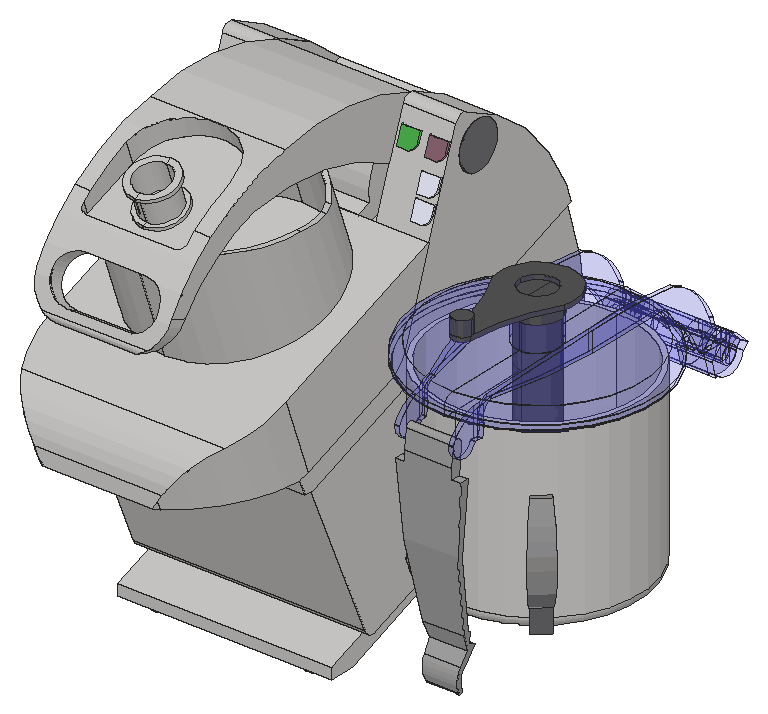
Revit family "QF_ELECTROLUXPROFESSIONAL_600482_TRK45YI", category Specialty Equipment, Revit 2018
Family settings
  Round Connector Dimension = Use Diameter
  Part Type = Normal
  Work Plane-Based = No
  Always vertical = Yes
  Cut with Voids When Loaded = No
  Shared = No
  Room Calculation Point = No
Parameters (values of type "QF_ELECTROLUX_600482_TRK45YI")
  Weight = 27.40 kg
  Watts = 0 W
  Volts = 200 V
  URL Manufacturer = "http://professional.electrolux.com"
  URL = "http://professional.electrolux.com"
  Steam Supply Size = 0 mm
  Steam Supply Minimum Pressure = 0.0 Pa
  Steam Supply Maximum Pressure = 0.0 Pa
  Steam Pounds per Hour = 0
  Refrigeration Suction Line Size = 0 mm
  Refrigeration Liquid Line Size = 0 mm
  Refrigerant Compressor Remote = yes
  Manufacturer = "Electrolux"
  Phase = 1
  Model = "TRK45YI"
  Length Actual = 252 mm  # constant formula
  Item Number = "600482"
  Hot Water Size = 0 mm
  Height Actual = 505 mm  # constant formula
  HP = "1.3 HP"
  Gas Size = 0 mm
  Gas KW = 0
  Gas Input Pressure = 0 W
  Direct Waste Size = 0 mm
  Description = "CUTTER/SLICER 4.5L VARIAB.SPEED-1000W-200-240V/1N/50-60-CB APPROVED, SCHUKO PLUG"
  Depth Actual = 485 mm  # constant formula
  Cycle = 60 Hz
  Condensate Return Size = 0 mm
  Compressed Air Volume = 0.0 L/s
  Compressed Air Size = 0 mm
  Compressed Air Pressure = 0.0 Pa
  Cold Water Size = 0 mm
  Accessory = yes
Reference planes
  plane 1 "Center (Front/Back)": y = 0
  plane 2: z = 0
  plane 3 "Center (Left/Right)": x = 0
  plane 4 "BASE": through (-1506.947, -1354.442, -482.669) normal (0, -0.342, 0.9397)
  plane 5 "TOP": z = 725
  plane 6 "FRONT": y = -250
  plane 7 "BACK": y = 250
  plane 8 "LEFT": x = -126
  plane 9 "RIGHT": x = 126
  plane 10 "BaseSup": through (4267.2, -355.454, 143.983) normal (0, -0.342, 0.9397)
  plane 11 "TopCylinder": z = 505
  plane 12 "panel": through (4267.2, 37.396, 376.789) normal (0, -0.9397, 0.342)
  plane 13 "TAN1": through (4267.2, -242.8, 386.84) normal (0, -0.868, 0.4965)
  plane 14 "cx": x = -4.392
  plane 15: z = 490
  plane 16: z = 685
  plane 17 "EI_1": z = 320
  plane 18: z = 224
  plane 19 "SupportOblique": through (4267.2, 163.975, 96.815) normal (0, 0.809, 0.5878)
  plane 20 "CX2": x = 350
Forms (mm)
  Extrusion 1, solid, material "QF_Finishes_Stainless Steel"
    sketch origin (0, 71.755, 29.173) x (0, 0.939693, 0.34202) y (0, -0.34202, 0.939693)
      loop
        line (196.964, 40) -> (-146.726, 40) -> (-150.519, 29.578) -> (-124.204, 20) -> (196.964, 20) -> (196.964, 40)
    from -114.1 to 114.1
  Extrusion 2, solid, material "QF_Finishes_Stainless Steel"
    sketch origin (0, 71.755, 29.173) x (0, 0.939693, 0.34202) y (0, -0.34202, 0.939693)
      loop
        arc (-117.754, 231.836) -> (-115.679, 141.222) -> (-107.501, 50.953) r 1344.145
        arc (-107.501, 50.953) -> (-103.371, 43.13) -> (-95.098, 40) r 12.5
        line (-95.098, 40) -> (191.415, 40)
        arc (191.415, 40) -> (200.799, 44.052) -> (207.001, 52.177) r 20.212
        arc (207.001, 52.177) -> (236.663, 139.796) -> (245.906, 231.836) r 409.593
        line (245.906, 231.836) -> (-117.754, 231.836)
    from -123.6 to 123.2
  Extrusion 3, solid, material "QF_Finishes_Stainless Steel"
    sketch origin (0, 71.755, 29.173) x (0, 0.939693, 0.34202) y (0, -0.34202, 0.939693)
      loop
        line (-117.754, 231.836) -> (250, 231.836) -> (250, 254)
        arc (250, 254) -> (225.127, 344.7) -> (167.861, 419.303) r 244.524
        arc (167.861, 419.303) -> (160.498, 421.774) -> (153.587, 418.23) r 10
        line (153.587, 418.23) -> (25.432, 265.5)
        arc (25.432, 265.5) -> (14.376, 257.016) -> (0.77, 254) r 32.194
        line (0.77, 254) -> (-128.224, 254) -> (-128.224, 236.946) -> (-117.754, 231.836)
    from -125 to 125
  Extrusion 4, void
    sketch origin (0, 71.755, 29.173) x (0, 0.939693, 0.34202) y (0, -0.34202, 0.939693)
      loop
        line (146.605, 338.403) -> (228.145, 338.403)
        arc (228.145, 338.403) -> (202.221, 381.996) -> (167.861, 419.303) r 244.524
        arc (167.861, 419.303) -> (160.498, 421.774) -> (153.587, 418.23) r 10
        line (153.587, 418.23) -> (72.34, 321.403) -> (146.605, 321.403) -> (146.605, 338.403)
    from -76.755 to 68.071
  Extrusion 5, solid, material "QF_Finishes_Stainless Steel"
    sketch origin (0, 71.755, 29.173) x (0, 0.939693, 0.34202) y (0, -0.34202, 0.939693)
      loop
        line (86.605, 338.403) -> (69.605, 321.403) -> (146.605, 321.403) -> (146.605, 338.403) -> (138.179, 338.403) -> (138.179, 369.367)
        arc (138.179, 369.367) -> (147.784, 373.474) -> (158.149, 372.174) r 19.987
        arc (158.149, 372.174) -> (156.791, 382.001) -> (162.888, 389.826) r 12.748
        arc (162.888, 389.826) -> (123.302, 374.774) -> (101.605, 338.403) r 64.447
        line (101.605, 338.403) -> (86.605, 338.403)
    from -65 to 50
  Extrusion 6, solid, material "QF_Finishes_Stainless Steel"
    sketch origin (539, 71.755, 29.173) x (0, -0.939693, -0.34202) y (0, -0.34202, 0.939693)
      loop
        circle (-169.102, 378.696) r 12.748
    from 489 to 604
  Extrusion 7, solid, material "QF_Finishes_Rubber Black"
    sketch origin (0, 71.755, 29.173) x (0, 0.939693, 0.34202) y (0, -0.34202, 0.939693)
      loop
        circle (169.102, 378.696) r 25
    from 125 to 126.6
  Extrusion 8, solid, material "QF_Finishes_Green"
    sketch origin (-10, -113.728, -38.42) x (0, -0.34202, -0.939693) y (1, 0, 0)
      loop
        line (-529.862, 82.865) -> (-509.862, 82.865) -> (-509.862, 92.865)
        arc (-509.862, 92.865) -> (-512.791, 99.936) -> (-519.862, 102.865) r 10
        line (-519.862, 102.865) -> (-529.862, 102.865) -> (-529.862, 82.865)
    from 0 to 1.6
  Extrusion 9, solid, material "QF_Finishes_Red"
    sketch origin (20, -113.728, -38.42) x (0, -0.34202, -0.939693) y (1, 0, 0)
      loop
        line (-529.862, 82.865) -> (-509.862, 82.865) -> (-509.862, 92.865)
        arc (-509.862, 92.865) -> (-512.791, 99.936) -> (-519.862, 102.865) r 10
        line (-519.862, 102.865) -> (-529.862, 102.865) -> (-529.862, 82.865)
    from 0 to 1.6
  Extrusion 10, solid, material "QF_Finishes_Rubber Black"
    sketch origin (-20, -293.925, 99.376) x (0, -1, 0) y (1, 0, 0)
      loop
        circle (-230.144, 103.748) r 10
      loop
        circle (-230.144, -61.252) r 10
    from 9.274 to 3.787
  Extrusion 11, void
    sketch origin (-20.94, 306.731, 139.428) x (-1, 0, 0) y (0, -0.34202, 0.939693)
      loop
        circle (-20.94, 196.093) r 10
    from -1.916 to -26.433
  Extrusion 12, solid, material "QF_Finishes_Stainless Steel"
    sketch origin (-20.94, 306.678, 139.573) x (-1, 0, 0) y (0, -0.34202, 0.939693)
      loop
        circle (-20.94, 195.939) r 9.999
    from -8.514 to -26.433
  Extrusion 13, solid, material "QF_Finishes_Stainless Steel"
    sketch origin (0, -15.119, 267.855) x (0, -0.939693, -0.34202) y (1, 0, 0)
      loop
        line (-86.605, -125) -> (117.754, -125)
        arc (117.754, -125) -> (182.577, -108.838) -> (232.224, -64.135) r 138.076
        arc (232.224, -64.135) -> (246.337, -33.516) -> (250, 0) r 104.824
        arc (250, 0) -> (246.337, 33.516) -> (232.224, 64.135) r 104.824
        arc (232.224, 64.135) -> (182.577, 108.838) -> (117.754, 125) r 138.076
        line (117.754, 125) -> (-86.605, 125) -> (-86.605, -125)
    from 0 to 84.403
  Extrusion 14, void
    sketch origin (0, 71.755, 29.173) x (0, 0.939693, 0.34202) y (0, -0.34202, 0.939693)
      loop
        line (-183.149, 338.403) -> (-263.395, 338.403) -> (-263.395, 254) -> (-128.224, 254) -> (-235.716, 293.124) -> (-229.509, 307.133)
        arc (-229.509, 307.133) -> (-211.109, 329.855) -> (-183.149, 338.403) r 50
      loop
        line (86.605, 338.403) -> (25.432, 265.5)
        arc (25.432, 265.5) -> (14.376, 257.016) -> (0.77, 254) r 32.194
        line (0.77, 254) -> (86.605, 254) -> (86.605, 338.403)
    from -156.555 to 144.79
  Extrusion 15, solid, material "QF_Finishes_Rubber Black"
    sketch origin (-20, -255.757, 37.007) x (0, -0.939693, -0.34202) y (1, 0, 0)
      loop
        circle (-230.144, 103.748) r 10
      loop
        circle (-230.144, -61.252) r 10
    from -1.968 to 3.787
  Extrusion 16, solid, material "QF_Finishes_Stainless Steel"
    sketch origin (0, 0, 0) x (0, 1, 0) y (0, 0, 1)
      loop
        arc (-237.987, 360.286) -> (-193.334, 422.101) -> (-125.907, 457.716) r 167.502
        arc (-125.907, 457.716) -> (-32.614, 457.202) -> (54.785, 424.565) r 266.494
        line (54.785, 424.565) -> (73.036, 474.711)
        arc (73.036, 474.711) -> (77.269, 479.853) -> (83.792, 481.198) r 10
        arc (83.792, 481.198) -> (1.801, 503.572) -> (-83.051, 498.734) r 263.981
        arc (-83.051, 498.734) -> (-135.605, 484.534) -> (-183.511, 458.675) r 236.13
        arc (-183.511, 458.675) -> (-222.818, 420.732) -> (-248.457, 372.49) r 174.407
        arc (-248.457, 372.49) -> (-249.83, 368.135) -> (-247.05, 364.513) r 4.945
        line (-247.05, 364.513) -> (-237.987, 360.286)
    from -76.755 to 68.071
  Extrusion 17, void
    sketch origin (0, -252.846, 369.279) x (0, -0.496521, -0.868025) y (1, 0, 0)
      loop
        line (-13.723, -36.755) -> (-13.723, 28.071)
        arc (-13.723, 28.071) -> (-38.723, 53.071) -> (-63.723, 28.071) r 25
        line (-63.723, 28.071) -> (-63.723, -36.755)
        arc (-63.723, -36.755) -> (-38.723, -61.755) -> (-13.723, -36.755) r 25
    from -148.493 to 7.125
  Extrusion 18, void
    sketch origin (0, -88.076, 32.057) x (0, -0.34202, -0.939693) y (1, 0, 0)
      loop
        line (-257.162, 68.071) -> (-297.162, 68.071)
        arc (-297.162, 68.071) -> (-268.878, 56.356) -> (-257.162, 28.071) r 40
        line (-257.162, 28.071) -> (-257.162, 68.071)
      loop
        line (-257.162, -76.755) -> (-257.162, -36.755)
        arc (-257.162, -36.755) -> (-268.878, -65.039) -> (-297.162, -76.755) r 40
        line (-297.162, -76.755) -> (-257.162, -76.755)
    from 233.374 to 280.473
  Extrusion 19, void
    sketch origin (0, -73.76, 246.511) x (0, -0.939693, -0.34202) y (1, 0, 0)
      loop
        spline (50.415, 43.499) -> (50.302, 44.538) -> (50.07, 45.551) -> (49.722, 46.523) -> (49.265, 47.436) -> (48.705, 48.278) -> (48.053, 49.034) -> (47.317, 49.692) -> (46.511, 50.241) -> (45.647, 50.674) -> (44.738, 50.981) -> (43.801, 51.16) -> (42.848, 51.221)
        line (42.848, 51.221) -> (-21.826, 51.221)
        arc (-21.826, 51.221) -> (-77.476, -4.429) -> (-21.826, -60.078) r 55.65
        line (-21.826, -60.078) -> (42.849, -60.064)
        spline (42.849, -60.064) -> (43.796, -60.017) -> (44.73, -59.836) -> (45.637, -59.525) -> (46.5, -59.088) -> (47.306, -58.532) -> (48.042, -57.867) -> (48.695, -57.103) -> (49.256, -56.253) -> (49.715, -55.331) -> (50.065, -54.351) -> (50.3, -53.329) -> (50.415, -52.283)
        line (50.415, -52.283) -> (50.415, 43.499)
    from 219.928 to 259.975
  Extrusion 20, void
    sketch origin (0, -87.856, 241.381) x (0, -0.939693, -0.34202) y (1, 0, 0)
      loop
        circle (-4.976, -4.429) r 22.5
    from 184.171 to 259.975
  Extrusion 21, solid, material "QF_Finishes_Stainless Steel"
    sketch origin (0, -57.13, 252.564) x (0, -0.939693, -0.34202) y (1, 0, 0)
      loop
        circle (-27.476, -4.429) r 100
      loop
        circle (-27.476, -4.429) r 95
    from 84.403 to 219.928
  Extrusion 22, void
    sketch origin (539, 0, 0) x (0, -1, 0) y (0, 0, 1)
      loop
        line (-7.229, 448.453) -> (38.883, 431.669) -> (53.883, 431.669) -> (97.232, 435.738) -> (172.232, 435.738) -> (200.5, 434.424) -> (12.562, 502.828) -> (-7.229, 448.453)
    from 424.9 to 664
  Revolve 23, solid, material "QF_Finishes_Stainless Steel"
    sketch origin (-4.392, 0, 0) x (0, 1, 0) y (0, 0, 1)
      loop
        line (-159.523, 452.833) -> (-177.266, 446.376) -> (-188.766, 477.973) -> (-195.199, 475.631) -> (-193.959, 472.225) -> (-189.261, 473.935) -> (-179, 445.744) -> (-183.698, 444.034) -> (-182.575, 440.948) -> (-179.543, 442.052) -> (-133.191, 314.7) -> (-112.048, 322.396) -> (-159.523, 452.833)
      axis (-112.048, 322.396) -> (-171.023, 484.431)
    angle from 0 to 360
  Extrusion 24, solid, material "QF_Door-Drawer Clearances", detail levels coarse
    sketch origin (0, -262.072, 735.095) x (0, -0.581279, -0.813704) y (0, 0.813704, -0.581279)
      loop
        arc (-237.987, 360.286) -> (-193.334, 422.101) -> (-125.907, 457.716) r 167.502
        arc (-125.907, 457.716) -> (-61.925, 460.915) -> (0.971, 448.753) r 266.494
        arc (0.971, 448.753) -> (-2.208, 475.472) -> (-2.432, 502.379) r 244.524
        arc (-2.432, 502.379) -> (-31.549, 503.211) -> (-60.594, 500.999) r 278.64
        arc (-60.594, 500.999) -> (-125.023, 488.463) -> (-183.511, 458.675) r 236.13
        arc (-183.511, 458.675) -> (-222.818, 420.732) -> (-248.457, 372.49) r 174.407
        arc (-248.457, 372.49) -> (-249.83, 368.135) -> (-247.05, 364.513) r 4.945
        line (-247.05, 364.513) -> (-237.987, 360.286)
    from -76.755 to 68.071
  Extrusion 25, solid, material "QF_Door-Drawer Clearances", detail levels coarse
    sketch origin (-4.392, 0, -55) x (0, 1, 0) y (0, 0, 1)
      loop
        arc (180.062, 780.324) -> (-149.234, 694.151) -> (-249.905, 368.994) r 350.321
        line (-249.905, 368.994) -> (-246.546, 377.767)
        arc (-246.546, 377.767) -> (-144.345, 691.9) -> (174.993, 776.44) r 345.321
        line (174.993, 776.44) -> (180.062, 780.324)
    from -60 to 60
  Extrusion 26, solid, material "QF_Finishes_Rubber Black"
    sketch origin (-20, -20.834, 122.512) x (0, -0.939693, -0.34202) y (1, 0, 0)
      loop
        circle (-230.144, 103.748) r 10
      loop
        circle (-230.144, -61.252) r 10
    from -1.968 to 3.787
  Extrusion 27, void
    sketch origin (-4.392, 0, 0) x (0, 1, 0) y (0, 0, 1)
      loop
        circle (163.975, 96.815) r 5.399
    from -121.608 to 130.392
  Sweep 28, solid, material "QF_Finishes_Stainless Steel"
    path origin (0, 153.361, 111.423) x (0, -0.587785, 0.809017) y (1, 0, 0)
      loop
        line (-133.401, 56) -> (-133.401, 112.5)
        arc (-133.401, 112.5) -> (-130.472, 119.571) -> (-123.401, 122.5) r 10
        line (-123.401, 122.5) -> (-28.058, 122.5)
        arc (-28.058, 122.5) -> (-20.987, 119.571) -> (-18.058, 112.5) r 10
        line (-18.058, 112.5) -> (-18.058, -112.5)
        arc (-18.058, -112.5) -> (-20.987, -119.571) -> (-28.058, -122.5) r 10
        line (-28.058, -122.5) -> (-123.401, -122.5)
        arc (-123.401, -122.5) -> (-130.472, -119.571) -> (-133.401, -112.5) r 10
        line (-133.401, -112.5) -> (-133.401, -56)
    profile origin (84.25, 231.772, 3.5) x (0, 0.587785, -0.809017) y (0, 0.809017, 0.587785)
      loop
        circle (0, 0) r 3.5
  Extrusion 29, void
    sketch origin (-4.392, 0, 0) x (0, 1, 0) y (0, 0, 1)
      loop
        line (50.281, 42.641) -> (71.708, 50.44) -> (64.376, 57.771) -> (50.281, 52.641) -> (50.281, 42.641)
    from -119.208 to -51.608
  Extrusion 30, void
    sketch origin (4.392, 0, 0) x (0, 1, 0) y (0, 0, -1)
      loop
        line (50.281, -42.641) -> (50.281, -52.641) -> (64.376, -57.771) -> (71.708, -50.44) -> (50.281, -42.641)
    from -119.208 to -51.608
  Extrusion 31, solid, material "QF_Door-Drawer Clearances", detail levels coarse
    sketch origin (350, -160.4, -17.118) x (0, -0.34202, -0.939693) y (0, -0.939693, 0.34202)
      loop
        line (-206.754, 118.191) -> (-331.133, -223.538)
        arc (-331.133, -223.538) -> (-241.482, -246.331) -> (-149.003, -248.426) r 409.593
        arc (-149.003, -248.426) -> (-139.246, -245.378) -> (-132.229, -237.945) r 20.212
        line (-132.229, -237.945) -> (-34.236, 31.289)
        arc (-34.236, 31.289) -> (-34.347, 40.134) -> (-40.286, 46.691) r 12.5
        arc (-40.286, 46.691) -> (-122.314, 85.249) -> (-206.754, 118.191) r 1344.145
    from -123.6 to 123.2
  Extrusion 32, solid, material "QF_Door-Drawer Clearances", detail levels coarse
    sketch origin (350, -160.4, -17.118) x (0, -0.34202, -0.939693) y (0, -0.939693, 0.34202)
      loop
        line (-134.127, -243.16) -> (-115.333, -250) -> (-5.487, 51.799) -> (-5.487, 79.803) -> (-16.578, 79.803) -> (-134.127, -243.16)
    from -114.1 to 114.1
  Extrusion 33, solid, material "QF_Door-Drawer Clearances", detail levels coarse
    sketch origin (330, -388.076, 105.131) x (0, -1, 0) y (1, 0, 0)
      loop
        circle (-230.144, 103.748) r 10
      loop
        circle (-230.144, -61.252) r 10
    from -1.968 to 3.787
  Extrusion 34, solid, material "QF_Door-Drawer Clearances", detail levels coarse
    sketch origin (330, -138.076, 105.131) x (0, -1, 0) y (1, 0, 0)
      loop
        circle (-230.144, 103.748) r 10
      loop
        circle (-230.144, -61.252) r 10
    from -1.968 to 3.787
  Extrusion 35, solid, material "QF_Door-Drawer Clearances", detail levels coarse
    sketch origin (0, 250, 0) x (-1, 0, 0) y (0, 0, 1)
      loop
        circle (-350, 200) r 10
    from -89.12 to -78.665
  Extrusion 36, solid, material "QF_Finishes_White"
    sketch origin (20, -124.661, -68.457) x (0, -0.34202, -0.939693) y (1, 0, 0)
      loop
        line (-529.862, 82.865) -> (-509.862, 82.865) -> (-509.862, 92.865)
        arc (-509.862, 92.865) -> (-512.791, 99.936) -> (-519.862, 102.865) r 10
        line (-519.862, 102.865) -> (-529.862, 102.865) -> (-529.862, 82.865)
    from 0 to 1.6
  Extrusion 37, solid, material "QF_Finishes_White"
    sketch origin (20, -132.869, -91.01) x (0, -0.34202, -0.939693) y (1, 0, 0)
      loop
        line (-529.862, 82.865) -> (-509.862, 82.865) -> (-509.862, 92.865)
        arc (-509.862, 92.865) -> (-512.791, 99.936) -> (-519.862, 102.865) r 10
        line (-519.862, 102.865) -> (-529.862, 102.865) -> (-529.862, 82.865)
    from 0 to 1.6
Cuts and joins
  Extrusion 4, Extrusion 18, Extrusion 19, Extrusion 20 cuts Extrusion 3
  Extrusion 14, Extrusion 18, Extrusion 19, Extrusion 20 cuts Extrusion 13
  Extrusion 17, Extrusion 18, Extrusion 19, Extrusion 20 cuts Extrusion 16
  Extrusion 11, Extrusion 19, Extrusion 20 cuts Extrusion 2
  Extrusion 22 cuts Extrusion 21
  Extrusion 27, Extrusion 29, Extrusion 30 cuts Extrusion 1
Lines and regions (mm)
  Split face 1
    outline origin (125, 73.036, 474.711) x (-1, 0, 0) y (0, -0.34202, -0.939693)
      loop
        arc (0, 8) -> (1.464, 4.464) -> (5, 3) r 5
        line (5, 3) -> (51.929, 3)
        arc (51.929, 3) -> (55.464, 4.464) -> (56.929, 8) r 5
        line (56.929, 8) -> (56.929, 96.206)
        arc (56.929, 96.206) -> (55.464, 99.742) -> (51.929, 101.206) r 5
        line (51.929, 101.206) -> (5, 101.206)
        arc (5, 101.206) -> (1.464, 99.742) -> (0, 96.206) r 5
        line (0, 96.206) -> (0, 8)
  symbolic lines
    curve 1: line (-76.755, 170.4, 0) -> (-76.755, -235.217, 0)
    curve 2: line (68.071, -235.135, 0) -> (68.071, 170.4, 0)
    curve 3: line (-76.755, 83.792, 0) -> (68.071, 83.792, 0)
    curve 4: line (-76.755, 170.4, 0) -> (68.071, 170.4, 0)
    curve 5: line (68.071, -83.051, 0) -> (-76.755, -83.051, 0)
    curve 6: line (-60.078, -136.967, 0) -> (51.221, -136.967, 0)
    curve 7: line (-60.078, -128.47, 0) -> (-60.078, -194.06, 0)
    curve 8: line (51.221, -193.76, 0) -> (51.221, -128.47, 0)
    curve 9: spline (-52.282, -199.891, 0) -> (-53.276, -199.815, 0) -> (-54.25, -199.647, 0) -> (-55.19, -199.39, 0) -> (-56.081, -199.046, 0) -> (-56.909, -198.622, 0) -> (-57.663, -198.124, 0) -> (-58.331, -197.559, 0) -> (-58.902, -196.936, 0) -> (-59.369, -196.264, 0) -> (-59.724, -195.553, 0) -> (-59.961, -194.815, 0) -> (-60.078, -194.06, 0)
    curve 10: line (43.499, -199.901, 0) -> (-52.283, -199.901, 0)
    curve 11: spline (51.218, -193.76, 0) -> (51.156, -194.554, 0) -> (50.964, -195.333, 0) -> (50.645, -196.085, 0) -> (50.204, -196.798, 0) -> (49.648, -197.459, 0) -> (48.986, -198.058, 0) -> (48.229, -198.586, 0) -> (47.39, -199.033, 0) -> (46.483, -199.392, 0) -> (45.521, -199.658, 0) -> (44.521, -199.826, 0) -> (43.499, -199.893, 0)
    curve 12: spline (-4.392, -146.848, 0) -> (-11.05, -147.672, 0) -> (-17.255, -150.087, 0) -> (-22.583, -153.929, 0) -> (-26.672, -158.936, 0) -> (-29.242, -164.766, 0) -> (-30.119, -171.023, 0) -> (-29.242, -177.28, 0) -> (-26.672, -183.111, 0) -> (-22.583, -188.118, 0) -> (-17.255, -191.96, 0) -> (-11.05, -194.375, 0) -> (-4.392, -195.199, 0)
    curve 13: spline (-4.392, -195.199, 0) -> (2.267, -194.375, 0) -> (8.472, -191.96, 0) -> (13.8, -188.118, 0) -> (17.888, -183.111, 0) -> (20.459, -177.28, 0) -> (21.335, -171.023, 0) -> (20.459, -164.766, 0) -> (17.888, -158.936, 0) -> (13.8, -153.929, 0) -> (8.472, -150.087, 0) -> (2.267, -147.672, 0) -> (-4.392, -146.848, 0)
    curve 14: spline (-4.392, -188.766, 0) -> (-9.279, -188.162, 0) -> (-13.832, -186.389, 0) -> (-17.743, -183.569, 0) -> (-20.744, -179.895, 0) -> (-22.63, -175.616, 0) -> (-23.273, -171.023, 0) -> (-22.63, -166.431, 0) -> (-20.744, -162.152, 0) -> (-17.743, -158.477, 0) -> (-13.832, -155.658, 0) -> (-9.279, -153.885, 0) -> (-4.392, -153.281, 0)
    curve 15: spline (-4.392, -153.281, 0) -> (0.495, -153.885, 0) -> (5.049, -155.658, 0) -> (8.96, -158.477, 0) -> (11.96, -162.152, 0) -> (13.846, -166.431, 0) -> (14.49, -171.023, 0) -> (13.846, -175.616, 0) -> (11.96, -179.895, 0) -> (8.96, -183.569, 0) -> (5.049, -186.389, 0) -> (0.495, -188.162, 0) -> (-4.392, -188.766, 0)
    curve 16: spline (-22.254, -165.273, 0) -> (-20.617, -168.597, 0) -> (-18.289, -171.534, 0) -> (-15.368, -173.96, 0) -> (-11.98, -175.77, 0) -> (-8.268, -176.888, 0) -> (-4.392, -177.266, 0) -> (-0.515, -176.888, 0) -> (3.197, -175.77, 0) -> (6.585, -173.96, 0) -> (9.505, -171.534, 0) -> (11.834, -168.597, 0) -> (13.471, -165.273, 0)
    curve 17: spline (21.106, -162.743, 0) -> (21.02, -155.749, 0) -> (18.807, -149.071, 0) -> (14.651, -143.268, 0) -> (8.902, -138.825, 0) -> (2.04, -136.115, 0) -> (-5.361, -135.365, 0) -> (-12.68, -136.637, 0) -> (-19.306, -139.824, 0) -> (-24.683, -144.661, 0) -> (-28.361, -150.742, 0) -> (-30.034, -157.558, 0) -> (-29.559, -164.538, 0)
    curve 18: spline (15.591, -154.349, 0) -> (13.851, -150.277, 0) -> (11.185, -146.674, 0) -> (7.729, -143.723, 0) -> (3.657, -141.574, 0) -> (-0.824, -140.337, 0) -> (-5.485, -140.073, 0) -> (-10.091, -140.797, 0) -> (-14.408, -142.471, 0) -> (-18.216, -145.011, 0) -> (-21.322, -148.287, 0) -> (-23.569, -152.134, 0) -> (-24.843, -156.356, 0)
    curve 19: line (-36.755, -245.358, 0) -> (-36.755, -220.255, 0)
    curve 20: line (28.071, -220.255, 0) -> (28.071, -245.358, 0)
    curve 21: line (-36.755, -220.255, 0) -> (28.071, -220.255, 0)
    curve 22: line (-36.755, -231.961, 0) -> (28.071, -231.961, 0)
    curve 23: line (28.071, -245.358, 0) -> (-36.755, -245.358, 0)
    curve 24: arc (-36.755, -231.961, 0) -> (-47.346, -230.66, 0) -> (-57.309, -226.836, 0) r 43.78
    curve 25: arc (28.071, -231.961, 0) -> (38.611, -230.648, 0) -> (48.525, -226.836, 0) r 43.78
    curve 26: line (108.532, -216.09, 0) -> (68.016, -248.959, 0)
    curve 27: spline (108.532, -216.09, 0) -> (111.117, -211.341, 0) -> (113.492, -206.496, 0) -> (115.654, -201.564, 0) -> (117.598, -196.552, 0) -> (119.32, -191.469, 0) -> (120.82, -186.324, 0) -> (122.092, -181.125, 0) -> (123.137, -175.882, 0) -> (123.951, -170.603, 0) -> (124.533, -165.296, 0) -> (124.883, -159.972, 0) -> (125, -154.639, 0)
    curve 28: line (125, -154.639, 0) -> (125, 227.385, 0)
    curve 29: spline (63.971, -249.433, 0) -> (63.542, -249.481, 0) -> (63.11, -249.529, 0) -> (62.674, -249.577, 0) -> (62.235, -249.624, 0) -> (61.792, -249.672, 0) -> (61.346, -249.719, 0) -> (60.896, -249.766, 0) -> (60.442, -249.813, 0) -> (59.985, -249.86, 0) -> (59.525, -249.907, 0) -> (59.06, -249.954, 0) -> (58.593, -250, 0)
    curve 30: spline (68.016, -248.959, 0) -> (67.688, -248.999, 0) -> (67.358, -249.038, 0) -> (67.026, -249.078, 0) -> (66.693, -249.118, 0) -> (66.359, -249.157, 0) -> (66.022, -249.197, 0) -> (65.684, -249.236, 0) -> (65.345, -249.276, 0) -> (65.004, -249.315, 0) -> (64.661, -249.354, 0) -> (64.317, -249.394, 0) -> (63.971, -249.433, 0)
    curve 31: line (-68.016, -248.959, 0) -> (68.016, -248.959, 0)
    curve 32: line (-68.016, -248.959, 0) -> (-108.532, -216.09, 0)
    curve 33: spline (-63.971, -249.433, 0) -> (-64.317, -249.394, 0) -> (-64.661, -249.354, 0) -> (-65.004, -249.315, 0) -> (-65.345, -249.276, 0) -> (-65.684, -249.236, 0) -> (-66.022, -249.197, 0) -> (-66.359, -249.157, 0) -> (-66.693, -249.118, 0) -> (-67.026, -249.078, 0) -> (-67.358, -249.038, 0) -> (-67.688, -248.999, 0) -> (-68.016, -248.959, 0)
    curve 34: spline (-58.593, -250, 0) -> (-59.06, -249.954, 0) -> (-59.525, -249.907, 0) -> (-59.985, -249.86, 0) -> (-60.442, -249.813, 0) -> (-60.896, -249.766, 0) -> (-61.346, -249.719, 0) -> (-61.792, -249.672, 0) -> (-62.235, -249.624, 0) -> (-62.674, -249.577, 0) -> (-63.11, -249.529, 0) -> (-63.542, -249.481, 0) -> (-63.971, -249.433, 0)
    curve 35: line (-76.755, -235.217, 0) -> (-60.604, -248.457, 0)
    curve 36: spline (-125, -154.639, 0) -> (-124.883, -159.972, 0) -> (-124.533, -165.296, 0) -> (-123.951, -170.603, 0) -> (-123.137, -175.882, 0) -> (-122.092, -181.125, 0) -> (-120.82, -186.324, 0) -> (-119.32, -191.469, 0) -> (-117.598, -196.552, 0) -> (-115.654, -201.564, 0) -> (-113.492, -206.496, 0) -> (-111.117, -211.341, 0) -> (-108.532, -216.09, 0)
    curve 37: line (-125, 227.385, 0) -> (-125, -154.639, 0)
    curve 38: arc (-76.755, -160.023, 0) -> (-93.256, -130.498, 0) -> (-99.37, -97.232, 0) r 103.622
    curve 39: arc (-76.755, -168.026, 0) -> (-96.901, -135.101, 0) -> (-104.377, -97.232, 0) r 109.55
    curve 40: spline (-99.395, -97.232, 0) -> (-99.428, -93.546, 0) -> (-99.341, -89.86, 0) -> (-99.135, -86.178, 0) -> (-98.81, -82.506, 0) -> (-98.367, -78.845, 0) -> (-97.806, -75.201, 0) -> (-97.127, -71.576, 0) -> (-96.331, -67.976, 0) -> (-95.419, -64.402, 0) -> (-94.392, -60.86, 0) -> (-93.251, -57.352, 0) -> (-91.998, -53.883, 0)
    curve 41: arc (-91.998, -53.883, 0) -> (-88.614, -46.234, 0) -> (-84.624, -38.883, 0) r 103.541
    curve 42: spline (-84.624, -38.883, 0) -> (-84.026, -38.009, 0) -> (-83.417, -37.142, 0) -> (-82.798, -36.282, 0) -> (-82.167, -35.428, 0) -> (-81.527, -34.582, 0) -> (-80.876, -33.742, 0) -> (-80.214, -32.91, 0) -> (-79.543, -32.085, 0) -> (-78.861, -31.267, 0) -> (-78.169, -30.457, 0) -> (-77.467, -29.655, 0) -> (-76.755, -28.86, 0)
    curve 43: spline (-90.488, -38.883, 0) -> (-89.506, -37.356, 0) -> (-88.492, -35.846, 0) -> (-87.448, -34.355, 0) -> (-86.375, -32.883, 0) -> (-85.271, -31.43, 0) -> (-84.139, -29.997, 0) -> (-82.978, -28.585, 0) -> (-81.788, -27.193, 0) -> (-80.571, -25.823, 0) -> (-79.326, -24.476, 0) -> (-78.054, -23.15, 0) -> (-76.755, -21.847, 0)
    curve 44: arc (-97.398, -53.883, 0) -> (-94.227, -46.252, 0) -> (-90.488, -38.883, 0) r 109.406
    curve 45: spline (-104.397, -97.232, 0) -> (-104.428, -93.553, 0) -> (-104.346, -89.875, 0) -> (-104.151, -86.201, 0) -> (-103.844, -82.535, 0) -> (-103.425, -78.879, 0) -> (-102.894, -75.238, 0) -> (-102.252, -71.615, 0) -> (-101.499, -68.013, 0) -> (-100.637, -64.435, 0) -> (-99.665, -60.886, 0) -> (-98.585, -57.367, 0) -> (-97.398, -53.883, 0)
    curve 46: spline (-104.429, -60.179, 0) -> (-104.227, -54.213, 0) -> (-103.623, -48.272, 0) -> (-102.618, -42.379, 0) -> (-101.218, -36.558, 0) -> (-99.427, -30.832, 0) -> (-97.253, -25.224, 0) -> (-94.704, -19.758, 0) -> (-91.791, -14.454, 0) -> (-88.526, -9.335, 0) -> (-84.922, -4.421, 0) -> (-80.993, 0.268, 0) -> (-76.755, 4.714, 0)
    curve 47: line (-104.429, -60.179, 0) -> (-104.429, -91.125, 0)
    curve 48: line (-125, 37.396, 0) -> (-76.755, 37.396, 0)
    curve 49: line (-125, 227.385, 0) -> (125, 227.385, 0)
    curve 50: line (-125, 219.805, 0) -> (125, 219.805, 0)
    curve 51: line (-65, 113.885, 0) -> (50, 113.885, 0)
    curve 52: line (50, 113.885, 0) -> (50, 83.792, 0)
    curve 53: line (-65, 113.885, 0) -> (-65, 83.792, 0)
    curve 54: line (-65, 91.491, 0) -> (50, 91.491, 0)
    curve 55: line (50, 93.777, 0) -> (68.071, 93.777, 0)
    curve 56: line (-65, 93.777, 0) -> (-76.755, 93.777, 0)
    curve 57: line (72.865, 68.37, 0) -> (92.865, 68.37, 0)
    curve 58: line (72.865, 60.026, 0) -> (72.865, 68.37, 0)
    curve 59: line (82.865, 60.026, 0) -> (72.865, 60.026, 0)
    curve 60: line (92.865, 68.37, 0) -> (92.865, 63.446, 0)
    curve 61: line (-123.6, 250, 0) -> (123.2, 250, 0)
    curve 62: line (123.2, 227.385, 0) -> (123.2, 250, 0)
    curve 63: line (-123.6, 227.385, 0) -> (-123.6, 250, 0)
    curve 64: line (68.071, 37.396, 0) -> (125, 37.396, 0)
    curve 65: line (68.071, -235.135, 0) -> (51.82, -248.457, 0)
    curve 66: arc (68.071, -159.898, 0) -> (84.5, -130.423, 0) -> (90.587, -97.232, 0) r 103.622
    curve 67: arc (68.071, -167.913, 0) -> (88.145, -135.031, 0) -> (95.593, -97.232, 0) r 109.55
    curve 68: spline (90.612, -97.232, 0) -> (90.644, -93.546, 0) -> (90.558, -89.86, 0) -> (90.352, -86.178, 0) -> (90.027, -82.506, 0) -> (89.584, -78.845, 0) -> (89.022, -75.201, 0) -> (88.343, -71.576, 0) -> (87.547, -67.976, 0) -> (86.636, -64.402, 0) -> (85.609, -60.86, 0) -> (84.468, -57.352, 0) -> (83.214, -53.883, 0)
    curve 69: arc (83.214, -53.883, 0) -> (79.831, -46.234, 0) -> (75.841, -38.883, 0) r 103.541
    curve 70: spline (75.841, -38.883, 0) -> (75.25, -38.019, 0) -> (74.648, -37.162, 0) -> (74.036, -36.312, 0) -> (73.414, -35.468, 0) -> (72.781, -34.631, 0) -> (72.138, -33.801, 0) -> (71.485, -32.977, 0) -> (70.822, -32.161, 0) -> (70.149, -31.353, 0) -> (69.466, -30.551, 0) -> (68.774, -29.757, 0) -> (68.071, -28.97, 0)
    curve 71: spline (81.705, -38.883, 0) -> (80.729, -37.365, 0) -> (79.722, -35.865, 0) -> (78.685, -34.383, 0) -> (77.619, -32.92, 0) -> (76.523, -31.476, 0) -> (75.399, -30.051, 0) -> (74.246, -28.647, 0) -> (73.066, -27.263, 0) -> (71.857, -25.901, 0) -> (70.622, -24.56, 0) -> (69.36, -23.242, 0) -> (68.071, -21.946, 0)
    curve 72: arc (88.615, -53.883, 0) -> (85.443, -46.252, 0) -> (81.705, -38.883, 0) r 109.406
    curve 73: spline (95.614, -97.232, 0) -> (95.644, -93.553, 0) -> (95.562, -89.875, 0) -> (95.368, -86.201, 0) -> (95.061, -82.535, 0) -> (94.641, -78.879, 0) -> (94.111, -75.238, 0) -> (93.469, -71.615, 0) -> (92.716, -68.013, 0) -> (91.853, -64.435, 0) -> (90.882, -60.886, 0) -> (89.802, -57.367, 0) -> (88.615, -53.883, 0)
    curve 74: spline (95.645, -60.179, 0) -> (95.444, -54.225, 0) -> (94.842, -48.295, 0) -> (93.842, -42.413, 0) -> (92.446, -36.602, 0) -> (90.662, -30.886, 0) -> (88.496, -25.287, 0) -> (85.957, -19.829, 0) -> (83.055, -14.533, 0) -> (79.802, -9.421, 0) -> (76.21, -4.512, 0) -> (72.295, 0.173, 0) -> (68.071, 4.615, 0)
    curve 75: line (95.645, -60.179, 0) -> (95.645, -91.125, 0)
    curve 76: arc (82.865, 60.026, 0) -> (86.108, 60.224, 0) -> (89.302, 60.816, 0) r 26.611
    curve 77: arc (89.302, 60.816, 0) -> (91.344, 61.778, 0) -> (92.865, 63.446, 0) r 5.801
    curve 78: line (102.865, 68.37, 0) -> (122.865, 68.37, 0)
    curve 79: line (102.865, 60.026, 0) -> (102.865, 68.37, 0)
    curve 80: line (112.865, 60.026, 0) -> (102.865, 60.026, 0)
    curve 81: line (122.865, 68.37, 0) -> (122.865, 63.446, 0)
    curve 82: arc (112.865, 60.026, 0) -> (116.108, 60.224, 0) -> (119.302, 60.816, 0) r 26.611
    curve 83: arc (119.302, 60.816, 0) -> (121.344, 61.778, 0) -> (122.865, 63.446, 0) r 5.801
    curve 84: line (102.865, 57.437, 0) -> (122.865, 57.437, 0)
    curve 85: line (102.865, 49.093, 0) -> (102.865, 57.437, 0)
    curve 86: line (112.865, 49.093, 0) -> (102.865, 49.093, 0)
    curve 87: line (122.865, 57.437, 0) -> (122.865, 52.513, 0)
    curve 88: arc (112.865, 49.093, 0) -> (116.108, 49.291, 0) -> (119.302, 49.884, 0) r 26.611
    curve 89: arc (119.302, 49.884, 0) -> (121.344, 50.845, 0) -> (122.865, 52.513, 0) r 5.801
    curve 90: line (102.865, 47.725, 0) -> (122.865, 47.725, 0)
    curve 91: line (102.865, 39.381, 0) -> (102.865, 47.725, 0)
    curve 92: line (112.865, 39.381, 0) -> (102.865, 39.381, 0)
    curve 93: line (122.865, 47.725, 0) -> (122.865, 42.801, 0)
    curve 94: arc (112.865, 39.381, 0) -> (116.108, 39.579, 0) -> (119.302, 40.172, 0) r 26.611
    curve 95: arc (119.302, 40.172, 0) -> (121.344, 41.133, 0) -> (122.865, 42.801, 0) r 5.801
Dimensions and locks
  plane 5 "TOP" to level = 725 mm  (x2)
  plane 8 "LEFT" to plane 3 "Center (Left/Right)" to plane 9 "RIGHT" = 126 mm, 126 mm
  plane 7 "BACK" to plane 1 "Center (Front/Back)" to plane 6 "FRONT" = 250 mm, 250 mm
  plane 5 "TOP" to plane 2 = 725 mm
  plane 5 "TOP" to plane 11 "TopCylinder" = 220 mm
  plane 6 "FRONT" to plane 7 "BACK" = 500 mm
  plane 7 "BACK" to plane 6 "FRONT" = 500 mm
  plane 11 "TopCylinder" to level = 505 mm  (x2)
  plane 15 to level = 490 mm  (x2)
  plane 16 to level = 685 mm
  plane 17 "EI_1" to level = 320 mm
  plane 18 to level = 224 mm
  plane 16 to plane 2 = 685 mm
  plane 9 "RIGHT" to plane 8 "LEFT" = 252 mm
  aligned and locked: level to plane 2
Nested families
  nested 1: "QF_600482_BOWL" at (360, -39.665, -20.592), type "QF_600482_BOWL"
Connectors
  electrical at (0, 231.662, 320.783), driven by "Volts"
    settings: on Extrusion 12, index 1, voltage 200 V, apparent load 0 VA, apparent load phase1 0 VA, apparent load phase2 0 VA, apparent load phase3 0 VA, power factor 1, load classification "Other", number of poles 1, system type 30, power factor state 1, is connector primary yes, connector utility no, sub classification motor no, connector description "Electrical Connection"
Definition of nested family "QF_600482_BOWL"
  Reference planes
    plane 1 "Center (Front/Back)": y = 0
    plane 2: z = 0
    plane 3 "Center (Left/Right)": x = 0
    plane 4 "TOP": z = 705.4
    plane 5 "FRONT": y = -211
    plane 6 "BACK": y = 211
    plane 7 "LEFT": x = -128
    plane 8 "RIGHT": x = 128
    plane 9 "CenterX": x = -10
    plane 10 "Maniglia": through (-10, -59.177, 4000) normal (0.766, 0.6428, 0)
    plane 11 "Panel": through (4267.2, 107.252, 388.448) normal (0, 0.766, -0.6428)
    plane 12: z = 510
  Forms (mm)
    Revolve 1, solid
      sketch origin (-10, 0, 0) x (0, -1, 0) y (0, 0, 1)
        loop
          line (59.177, 490.527) -> (28.516, 490.527) -> (35.424, 483.619) -> (35.424, 470.527) -> (38.194, 470.527) -> (38.194, 356.104) -> (59.177, 356.104) -> (59.177, 490.527)
        axis (59.177, 356.104) -> (59.177, 490.527)
      angle from 0 to 360
    Extrusion 2, solid
      sketch origin (0, 0, 0) x (1, 0, 0) y (0, 1, 0)
        loop
          arc (-48.167, -71.147) -> (-28.951, -114.517) -> (-19.956, -161.093) r 210.055
          arc (-19.956, -161.093) -> (-10, -170.155) -> (-0.044, -161.093) r 10
          arc (-0.044, -161.093) -> (8.951, -114.517) -> (28.167, -71.147) r 210.055
          arc (28.167, -71.147) -> (-10, -19.177) -> (-48.167, -71.147) r 40
      from 490.527 to 495.013
    Extrusion 3, solid
      sketch origin (0, 0, 0) x (1, 0, 0) y (0, 1, 0)
        loop
          circle (-10, -160.155) r 10
      from 495.013 to 510.592
    Extrusion 4, void
      sketch origin (0, 0, 0) x (1, 0, 0) y (0, 1, 0)
        loop
          circle (-10, -59.177) r 19
      from 467.615 to 512.796
    Extrusion 5, void
      sketch origin (-20, 0, 0) x (-1, 0, 0) y (0, -1, 0)
        loop
          line (16.15, 177.864) -> (16.15, -123.86) -> (35.771, -123.86) -> (35.771, 48.192)
          arc (35.771, 48.192) -> (30.047, 105.502) -> (17.781, 161.776) r 500.876
          line (17.781, 161.776) -> (17.781, 171.776) -> (16.15, 177.864)
        loop
          line (40.771, -123.86) -> (45.852, -123.86) -> (45.852, 210.681) -> (21.15, 210.681) -> (21.15, 178.522) -> (22.781, 172.434) -> (22.781, 162.459)
          arc (22.781, 162.459) -> (35.047, 105.893) -> (40.771, 48.297) r 505.876
          line (40.771, 48.297) -> (40.771, -123.86)
      from 381.652 to 477.521
    Extrusion 6, solid
      sketch origin (-20, 0, 0) x (0, 1, 0) y (0, 0, -1)
        loop
          line (-173.064, -409.647) -> (-181.147, -409.647)
          arc (-181.147, -409.647) -> (-199.354, -399.982) -> (-210.844, -417.096) r 15.391
          arc (-210.844, -417.096) -> (-202.04, -429.372) -> (-189.058, -437.099) r 36.946
          arc (-189.058, -437.099) -> (-65.868, -463.241) -> (59.99, -458.888) r 518.061
          arc (59.99, -458.888) -> (92.246, -438.11) -> (113.023, -405.855) r 90.696
          arc (113.023, -405.855) -> (114.903, -399.662) -> (115.972, -393.28) r 50.278
          arc (115.972, -393.28) -> (121.968, -392.806) -> (127.203, -389.844) r 13.902
          arc (127.203, -389.844) -> (135.322, -382.188) -> (143.082, -374.167) r 242.898
          line (143.082, -374.167) -> (137.378, -368.464)
          arc (137.378, -368.464) -> (123.613, -353.84) -> (104.088, -358.543) r 20
          line (104.088, -358.543) -> (99.34, -358.543)
          arc (99.34, -358.543) -> (88.098, -393.587) -> (65.823, -422.884) r 108.872
          line (65.823, -422.884) -> (50.823, -422.884)
          arc (50.823, -422.884) -> (52.796, -423.701) -> (53.614, -425.674) r 2.79
          line (53.614, -425.674) -> (53.614, -430.892)
          arc (53.614, -430.892) -> (50.154, -439.244) -> (41.802, -442.703) r 11.812
          line (41.802, -442.703) -> (-160.307, -442.703)
          arc (-160.307, -442.703) -> (-168.659, -439.244) -> (-172.119, -430.892) r 11.812
          line (-172.119, -430.892) -> (-172.119, -425.826)
          arc (-172.119, -425.826) -> (-171.728, -424.361) -> (-170.659, -423.285) r 2.942
          line (-170.659, -423.285) -> (-173.064, -409.647)
        loop
          circle (117.901, -373.007) r 9.416
      from 16.15 to 45.852
    Extrusion 7, solid
      sketch origin (0, 0, 0) x (0, 1, 0) y (0, 0, 1)
        loop
          line (137.378, 368.464) -> (143.082, 374.167)
          arc (143.082, 374.167) -> (135.322, 382.188) -> (127.203, 389.844) r 242.898
          arc (127.203, 389.844) -> (116.931, 393.38) -> (107.252, 388.448) r 13.902
          line (107.252, 388.448) -> (95.766, 374.76)
          arc (95.766, 374.76) -> (97.862, 366.72) -> (99.34, 358.543) r 108.872
          line (99.34, 358.543) -> (104.088, 358.543)
          arc (104.088, 358.543) -> (123.613, 353.84) -> (137.378, 368.464) r 20
        loop
          circle (117.901, 373.007) r 9.416
      from -71.073 to 53.607
    Extrusion 8, solid
      sketch origin (0, 0, 0) x (0, 1, 0) y (0, 0, 1)
        loop
          arc (-182.273, 168.111) -> (-185.377, 178.111) -> (-182.273, 188.111) r 17.658
          line (-182.273, 188.111) -> (-169.592, 207.294) -> (-177.764, 211.104) -> (-177.764, 222.201) -> (-180.378, 224.815)
          arc (-180.378, 224.815) -> (-195.887, 307.452) -> (-195.295, 391.529) r 437.299
          line (-195.295, 391.529) -> (-193.232, 411.422)
          arc (-193.232, 411.422) -> (-197.69, 416.911) -> (-203.179, 412.454) r 5
          line (-203.179, 412.454) -> (-205.242, 392.56)
          arc (-205.242, 392.56) -> (-202.268, 306.332) -> (-185.461, 221.705) r 534.528
          line (-185.461, 221.705) -> (-177.764, 203.503) -> (-186.394, 190.943)
          arc (-186.394, 190.943) -> (-190.377, 178.111) -> (-186.394, 165.28) r 22.658
          arc (-186.394, 165.28) -> (-182.917, 164.635) -> (-182.273, 168.111) r 2.5
      from -49.646 to 27.326
    Extrusion 9, void
      sketch origin (0, -211, 0) x (-1, 0, 0) y (0, 0, 1)
        loop
          line (-15.15, 416.938) -> (-47.326, 416.938) -> (-47.326, 161.938) -> (-6.963, 161.938) -> (-24.508, 381.652) -> (-15.15, 381.652) -> (-15.15, 416.938)
        loop
          line (26.963, 161.938) -> (77.918, 161.938) -> (77.918, 416.938) -> (35.15, 416.938) -> (35.15, 381.652) -> (44.508, 381.652) -> (26.963, 161.938)
      from 46.08 to -69.339
    Extrusion 10, solid
      sketch origin (0, 0, 0) x (0, 1, 0) y (0, 0, 1)
        loop
          line (-173.064, 409.647) -> (-170.659, 423.285)
          arc (-170.659, 423.285) -> (-171.728, 424.361) -> (-172.119, 425.826) r 2.942
          line (-172.119, 425.826) -> (-172.119, 430.892)
          arc (-172.119, 430.892) -> (-168.659, 439.244) -> (-160.307, 442.703) r 11.812
          line (-160.307, 442.703) -> (41.802, 442.703)
          arc (41.802, 442.703) -> (50.154, 439.244) -> (53.614, 430.892) r 11.812
          line (53.614, 430.892) -> (53.614, 425.674)
          arc (53.614, 425.674) -> (52.796, 423.701) -> (50.823, 422.884) r 2.79
          line (50.823, 422.884) -> (65.823, 422.884)
          arc (65.823, 422.884) -> (88.098, 393.587) -> (99.34, 358.543) r 108.872
          line (99.34, 358.543) -> (104.088, 358.543)
          arc (104.088, 358.543) -> (123.613, 353.84) -> (137.378, 368.464) r 20
          line (137.378, 368.464) -> (143.082, 374.167)
          arc (143.082, 374.167) -> (135.322, 382.188) -> (127.203, 389.844) r 242.898
          arc (127.203, 389.844) -> (121.968, 392.806) -> (115.972, 393.28) r 13.902
          arc (115.972, 393.28) -> (114.903, 399.662) -> (113.023, 405.855) r 50.278
          arc (113.023, 405.855) -> (92.246, 438.11) -> (59.99, 458.888) r 90.696
          arc (59.99, 458.888) -> (-65.868, 463.241) -> (-189.058, 437.099) r 518.061
          arc (-189.058, 437.099) -> (-202.04, 429.372) -> (-210.844, 417.096) r 36.946
          arc (-210.844, 417.096) -> (-199.354, 399.982) -> (-181.147, 409.647) r 15.391
          line (-181.147, 409.647) -> (-173.064, 409.647)
        loop
          circle (117.901, 373.007) r 9.416
      from 16.15 to 45.852
    Extrusion 11, void
      sketch origin (0, 0, 0) x (1, 0, 0) y (0, 1, 0)
        loop
          line (16.15, -177.864) -> (17.781, -171.776) -> (17.781, -161.776)
          arc (17.781, -161.776) -> (30.047, -105.502) -> (35.771, -48.192) r 500.876
          line (35.771, -48.192) -> (35.771, 123.86) -> (16.15, 123.86) -> (16.15, -177.864)
        loop
          line (40.771, 123.86) -> (40.771, -48.297)
          arc (40.771, -48.297) -> (35.047, -105.893) -> (22.781, -162.459) r 505.876
          line (22.781, -162.459) -> (22.781, -172.434) -> (21.15, -178.522) -> (21.15, -210.681) -> (45.852, -210.681) -> (45.852, 123.86) -> (40.771, 123.86)
      from 381.652 to 477.521
    Revolve 12, solid
      sketch origin (-10, 0, 0) x (0, -1, 0) y (0, 0, 1)
        loop
          line (38.194, 422.884) -> (38.194, 470.527) -> (35.424, 470.527) -> (35.424, 442.703) -> (-53.802, 442.703)
          arc (-53.802, 442.703) -> (-62.213, 439.268) -> (-65.732, 430.892) r 11.871
          line (-65.732, 430.892) -> (-65.732, 425.793)
          arc (-65.732, 425.793) -> (-64.88, 423.736) -> (-62.823, 422.884) r 2.909
          line (-62.823, 422.884) -> (38.194, 422.884)
        axis (59.177, 422.884) -> (59.177, 470.527)
      angle from 0 to 360
    Revolve 13, solid
      sketch origin (-10, 0, 0) x (0, -1, 0) y (0, 0, 1)
        loop
          line (169.177, 422.884) -> (164.177, 422.884) -> (164.177, 237.884)
          arc (164.177, 237.884) -> (162.191, 233.09) -> (157.397, 231.104) r 6.78
          line (157.397, 231.104) -> (84.177, 231.104) -> (84.177, 356.104) -> (79.177, 356.104) -> (79.177, 226.104) -> (157.397, 226.104)
          arc (157.397, 226.104) -> (165.726, 229.554) -> (169.177, 237.884) r 11.78
          line (169.177, 237.884) -> (169.177, 422.884)
        axis (59.177, 422.884) -> (59.177, 226.104)
      angle from 0 to 360
    Extrusion 14, solid
      sketch origin (-49.423, -13.925, 0) x (0.634002, 0.773331, 0) y (-0.773331, 0.634002, 0)
        loop
          line (-55.497, -222.333) -> (-26.468, -227.794) -> (-20.635, -161.119)
          arc (-20.635, -161.119) -> (-28.727, -159.898) -> (-36.729, -158.185) r 133.529
          line (-36.729, -158.185) -> (-55.497, -222.333)
      from 226.104 to 356.104
    Revolve 15, void
      sketch origin (-35.007, -29.374, 0) x (-0.642788, 0.766044, 0) y (0, 0, 1)
        loop
          arc (-155.215, 337.579) -> (-171.344, 302.579) -> (-155.215, 267.579) r 46.04
          line (-155.215, 267.579) -> (-147.754, 267.579) -> (-147.754, 337.579) -> (-155.215, 337.579)
        loop
          line (-155.215, 356.104) -> (-147.754, 356.104) -> (-147.754, 361.761) -> (-215.215, 361.761) -> (-215.215, 226.104) -> (-147.754, 226.104) -> (-147.754, 256.485) -> (-163.93, 256.485)
          arc (-163.93, 256.485) -> (-184.453, 308.471) -> (-155.215, 356.104) r 62.537
        axis (10, 361.761) -> (10, 226.104)
      angle from -8.217 to 8.652
    Extrusion 16, solid
      sketch origin (0, 0, 0) x (1, 0, 0) y (0, 1, 0)
        loop
          arc (57.446, -154.071) -> (64.931, -148.135) -> (72.061, -141.775) r 165.215
          line (72.061, -141.775) -> (66.401, -136.116)
          arc (66.401, -136.116) -> (59.824, -141.977) -> (52.928, -147.46) r 157.215
          line (52.928, -147.46) -> (57.446, -154.071)
      from 226.104 to 256.485
    Revolve 17, solid, detail levels coarse
      sketch origin (-10, -235.136, 499.949) x (0, 0, 1) y (0, 1, 0)
        loop
          line (59.177, 490.527) -> (28.516, 490.527) -> (35.424, 483.619) -> (35.424, 470.527) -> (38.194, 470.527) -> (38.194, 442.703) -> (59.177, 442.703) -> (59.177, 490.527)
        axis (59.177, 442.703) -> (59.177, 490.527)
      angle from 0 to 360
    Extrusion 18, solid, detail levels coarse
      sketch origin (0, -235.136, 499.949) x (1, 0, 0) y (0, 0, -1)
        loop
          arc (-48.167, -71.147) -> (-28.951, -114.517) -> (-19.956, -161.093) r 210.055
          arc (-19.956, -161.093) -> (-10, -170.155) -> (-0.044, -161.093) r 10
          arc (-0.044, -161.093) -> (8.951, -114.517) -> (28.167, -71.147) r 210.055
          arc (28.167, -71.147) -> (-10, -19.177) -> (-48.167, -71.147) r 40
      from 490.527 to 495.013
    Extrusion 19, solid, detail levels coarse
      sketch origin (0, -235.136, 499.949) x (1, 0, 0) y (0, 0, -1)
        loop
          circle (-10, -160.155) r 10
      from 495.013 to 510.592
    Extrusion 20, void
      sketch origin (-20, -221.856, 479.359) x (-1, 0, 0) y (0, 0, 1)
        loop
          line (16.15, 177.864) -> (16.15, -123.86) -> (35.771, -123.86) -> (35.771, 48.192)
          arc (35.771, 48.192) -> (30.047, 105.502) -> (17.781, 161.776) r 500.876
          line (17.781, 161.776) -> (17.781, 171.776) -> (16.15, 177.864)
        loop
          line (40.771, -123.86) -> (45.852, -123.86) -> (45.852, 217.003) -> (21.15, 217.003) -> (21.15, 178.522) -> (22.781, 172.434) -> (22.781, 162.459)
          arc (22.781, 162.459) -> (35.047, 105.893) -> (40.771, 48.297) r 505.876
          line (40.771, 48.297) -> (40.771, -123.86)
      from 350.345 to 477.521
    Extrusion 21, solid, detail levels coarse
      sketch origin (-20, -235.136, 499.949) x (0, 0, -1) y (0, -1, 0)
        loop
          line (-173.064, -409.647) -> (-181.303, -409.647)
          arc (-181.303, -409.647) -> (-196.341, -401.818) -> (-205.451, -416.117) r 12.548
          arc (-205.451, -416.117) -> (-199.87, -428.651) -> (-189.058, -437.099) r 28.357
          arc (-189.058, -437.099) -> (-65.868, -463.241) -> (59.99, -458.888) r 518.061
          arc (59.99, -458.888) -> (92.246, -438.11) -> (113.023, -405.855) r 90.696
          arc (113.023, -405.855) -> (114.903, -399.662) -> (115.972, -393.28) r 50.278
          arc (115.972, -393.28) -> (121.968, -392.806) -> (127.203, -389.844) r 13.902
          arc (127.203, -389.844) -> (130.645, -386.684) -> (134.025, -383.459) r 242.898
          arc (134.025, -383.459) -> (118.878, -371.582) -> (104.72, -358.543) r 242.898
          line (104.72, -358.543) -> (99.34, -358.543)
          arc (99.34, -358.543) -> (88.098, -393.587) -> (65.823, -422.884) r 108.872
          line (65.823, -422.884) -> (50.823, -422.884)
          arc (50.823, -422.884) -> (52.796, -423.701) -> (53.614, -425.674) r 2.79
          line (53.614, -425.674) -> (53.614, -430.892)
          arc (53.614, -430.892) -> (50.154, -439.244) -> (41.802, -442.703) r 11.812
          line (41.802, -442.703) -> (-160.307, -442.703)
          arc (-160.307, -442.703) -> (-168.659, -439.244) -> (-172.119, -430.892) r 11.812
          line (-172.119, -430.892) -> (-172.119, -425.826)
          arc (-172.119, -425.826) -> (-171.728, -424.361) -> (-170.659, -423.285) r 2.942
          line (-170.659, -423.285) -> (-173.064, -409.647)
      from 16.15 to 45.852
    Extrusion 22, void
      sketch origin (0, -221.856, 479.359) x (1, 0, 0) y (0, 0, -1)
        loop
          line (16.15, -177.864) -> (17.781, -171.776) -> (17.781, -161.776)
          arc (17.781, -161.776) -> (30.047, -105.502) -> (35.771, -48.192) r 500.876
          line (35.771, -48.192) -> (35.771, 123.86) -> (16.15, 123.86) -> (16.15, -177.864)
        loop
          line (40.771, 123.86) -> (40.771, -48.297)
          arc (40.771, -48.297) -> (35.047, -105.893) -> (22.781, -162.459) r 505.876
          line (22.781, -162.459) -> (22.781, -172.434) -> (21.15, -178.522) -> (21.15, -217.003) -> (45.852, -217.003) -> (45.852, 123.86) -> (40.771, 123.86)
      from 350.345 to 477.521
    Extrusion 23, solid, detail levels coarse
      sketch origin (0, -235.136, 499.949) x (0, 0, -1) y (0, 1, 0)
        loop
          line (-173.064, 409.647) -> (-170.659, 423.285)
          arc (-170.659, 423.285) -> (-171.728, 424.361) -> (-172.119, 425.826) r 2.942
          line (-172.119, 425.826) -> (-172.119, 430.892)
          arc (-172.119, 430.892) -> (-168.659, 439.244) -> (-160.307, 442.703) r 11.812
          line (-160.307, 442.703) -> (41.802, 442.703)
          arc (41.802, 442.703) -> (50.154, 439.244) -> (53.614, 430.892) r 11.812
          line (53.614, 430.892) -> (53.614, 425.674)
          arc (53.614, 425.674) -> (52.796, 423.701) -> (50.823, 422.884) r 2.79
          line (50.823, 422.884) -> (65.823, 422.884)
          arc (65.823, 422.884) -> (88.098, 393.587) -> (99.34, 358.543) r 108.872
          line (99.34, 358.543) -> (104.72, 358.543)
          arc (104.72, 358.543) -> (118.878, 371.582) -> (134.025, 383.459) r 242.898
          arc (134.025, 383.459) -> (130.645, 386.684) -> (127.203, 389.844) r 242.898
          arc (127.203, 389.844) -> (121.968, 392.806) -> (115.972, 393.28) r 13.902
          arc (115.972, 393.28) -> (114.903, 399.662) -> (113.023, 405.855) r 50.278
          arc (113.023, 405.855) -> (92.246, 438.11) -> (59.99, 458.888) r 90.696
          arc (59.99, 458.888) -> (-65.868, 463.241) -> (-189.058, 437.099) r 518.061
          arc (-189.058, 437.099) -> (-199.87, 428.651) -> (-205.451, 416.117) r 28.357
          arc (-205.451, 416.117) -> (-196.341, 401.818) -> (-181.303, 409.647) r 12.548
          line (-181.303, 409.647) -> (-173.064, 409.647)
      from 16.15 to 45.852
    Revolve 24, solid, detail levels coarse
      sketch origin (-10, -235.136, 499.949) x (0, 0, 1) y (0, 1, 0)
        loop
          line (38.194, 422.884) -> (38.194, 470.527) -> (35.424, 470.527) -> (35.424, 442.703) -> (-53.802, 442.703)
          arc (-53.802, 442.703) -> (-62.213, 439.268) -> (-65.732, 430.892) r 11.871
          line (-65.732, 430.892) -> (-65.732, 425.793)
          arc (-65.732, 425.793) -> (-64.88, 423.736) -> (-62.823, 422.884) r 2.909
          line (-62.823, 422.884) -> (38.194, 422.884)
        axis (59.177, 422.884) -> (59.177, 470.527)
      angle from 0 to 360
    Extrusion 25, void
      sketch origin (0, 0, 0) x (0, 1, 0) y (0, 0, 1)
        loop
          line (-210.681, 417.459) -> (-211.654, 417.459) -> (-211.654, 411.793) -> (-210.681, 411.793) -> (-210.681, 417.459)
      from -41.15 to -65.852
    Extrusion 26, void
      sketch origin (0, 0, 0) x (0, 1, 0) y (0, 0, 1)
        loop
          line (-210.681, 417.459) -> (-211.654, 417.459) -> (-211.654, 411.793) -> (-210.681, 411.793) -> (-210.681, 417.459)
      from 21.15 to 45.852
  Cuts and joins
    Extrusion 4 cuts Extrusion 2
    Extrusion 5, Extrusion 11, Extrusion 20, Extrusion 22, Extrusion 25 cuts Extrusion 6
    Extrusion 9, Extrusion 11, Extrusion 20 cuts Extrusion 8
    Extrusion 11, Extrusion 20, Extrusion 22 cuts Extrusion 7
    Extrusion 11, Extrusion 26 cuts Extrusion 10
    Revolve 15 cuts Extrusion 14
    Extrusion 20 cuts Revolve 12
    Extrusion 20 cuts Revolve 13
    Extrusion 20, Extrusion 22 cuts Extrusion 21
    Extrusion 22 cuts Extrusion 23
  Lines and regions (mm)
    symbolic lines
      curve 1: arc (-10, -172.155, 0) -> (3.999, -171.284, 0) -> (17.781, -168.686, 0) r 112.979
      curve 2: arc (-10, -184.085, 0) -> (-23.148, -183.391, 0) -> (-36.15, -181.317, 0) r 124.909
      curve 3: line (128, -157.764, 0) -> (128, 191, 0)
      curve 4: line (124.8, 106.204, 0) -> (59.066, 106.204, 0)
      curve 5: line (102.599, 90.494, 0) -> (117.599, 90.494, 0)
      curve 6: line (117.599, 87.22, 0) -> (102.599, 87.22, 0)
      curve 7: line (102.599, 76.352, 0) -> (117.599, 76.352, 0)
      curve 8: line (117.599, 73.078, 0) -> (102.599, 73.078, 0)
      curve 9: line (102.599, 62.211, 0) -> (117.599, 62.211, 0)
      curve 10: line (117.599, 58.937, 0) -> (102.599, 58.937, 0)
      curve 11: line (102.599, 48.07, 0) -> (117.599, 48.07, 0)
      curve 12: line (102.599, 58.937, 0) -> (102.599, 48.07, 0)
      curve 13: line (117.599, 48.07, 0) -> (117.599, 58.937, 0)
      curve 14: line (117.599, 62.211, 0) -> (117.599, 73.078, 0)
      curve 15: line (102.599, 73.078, 0) -> (102.599, 62.211, 0)
      curve 16: line (102.599, 87.22, 0) -> (102.599, 76.352, 0)
      curve 17: line (117.599, 76.352, 0) -> (117.599, 87.22, 0)
      curve 18: line (117.599, 90.494, 0) -> (117.599, 101.361, 0)
      curve 19: line (102.599, 101.361, 0) -> (102.599, 90.494, 0)
      curve 20: arc (-0.044, -161.093, 0) -> (8.951, -114.517, 0) -> (28.167, -71.147, 0) r 210.055
      curve 21: arc (28.167, -71.147, 0) -> (-10, -19.177, 0) -> (-48.167, -71.147, 0) r 40
      curve 22: arc (-48.167, -71.147, 0) -> (-28.951, -114.517, 0) -> (-19.956, -161.093, 0) r 210.055
      curve 23: arc (-19.956, -161.093, 0) -> (-10, -170.155, 0) -> (-0.044, -161.093, 0) r 10
      curve 24: arc (0, -160.155, 0) -> (-10, -150.155, 0) -> (-20, -160.155, 0) r 10
      curve 25: arc (-55.771, -48.192, 0) -> (-50.047, -105.502, 0) -> (-37.781, -161.776, 0) r 500.876
      curve 26: arc (-42.781, -162.459, 0) -> (-55.047, -105.893, 0) -> (-60.771, -48.297, 0) r 505.876
      curve 27: line (-55.771, 123.86, 0) -> (-55.771, -48.192, 0)
      curve 28: line (-60.771, -48.297, 0) -> (-60.771, 123.86, 0)
      curve 29: line (40.771, 123.86, 0) -> (40.771, -48.297, 0)
      curve 30: line (35.771, -48.192, 0) -> (35.771, 123.86, 0)
      curve 31: arc (40.771, -48.297, 0) -> (35.047, -105.893, 0) -> (22.781, -162.459, 0) r 505.876
      curve 32: arc (17.781, -161.776, 0) -> (30.047, -105.502, 0) -> (35.771, -48.192, 0) r 500.876
      curve 33: line (22.781, -162.459, 0) -> (22.781, -172.434, 0)
      curve 34: line (17.781, -171.776, 0) -> (17.781, -161.776, 0)
      curve 35: line (16.15, -177.864, 0) -> (17.781, -171.776, 0)
      curve 36: line (22.781, -172.434, 0) -> (21.15, -178.522, 0)
      curve 37: line (21.15, -178.522, 0) -> (21.15, -211, 0)
      curve 38: line (-37.781, -161.776, 0) -> (-37.781, -171.776, 0)
      curve 39: line (-42.781, -172.434, 0) -> (-42.781, -162.459, 0)
      curve 40: line (-41.15, -178.522, 0) -> (-42.781, -172.434, 0)
      curve 41: line (-37.781, -171.776, 0) -> (-36.15, -177.864, 0)
      curve 42: line (-41.15, -211, 0) -> (-41.15, -178.522, 0)
      curve 43: spline (22.008, -197.61, 0) -> (21.937, -197.617, 0) -> (21.865, -197.622, 0) -> (21.794, -197.626, 0) -> (21.722, -197.627, 0) -> (21.651, -197.627, 0) -> (21.579, -197.625, 0) -> (21.508, -197.621, 0) -> (21.436, -197.615, 0) -> (21.365, -197.608, 0) -> (21.293, -197.598, 0) -> (21.222, -197.587, 0) -> (21.15, -197.574, 0)
      curve 44: line (-71.073, 171.51, 0) -> (53.607, 171.51, 0)
      curve 45: line (59.066, 46.214, 0) -> (124.8, 46.214, 0)
      curve 46: line (59.066, 106.204, 0) -> (59.066, 46.214, 0)
      curve 47: line (124.8, 46.214, 0) -> (124.8, 107.429, 0)
      curve 48: line (53.607, 48.324, 0) -> (53.607, 171.51, 0)
